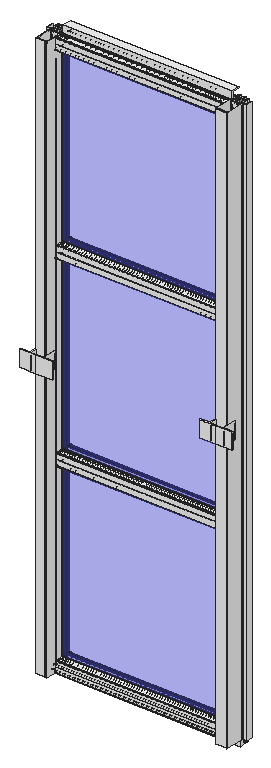
Revit family "Facade_60_Curtain_Wall_I13_Custom", category Windows, host Wall, Revit 2014 (continued)
Definition of nested family "F60 Vertical Profile Side_I13_Cust"
  Automatic sketch dimensions
    Extrusion 9 sketch curve to Extrusion 9 sketch curve = 0.899 mm
    Extrusion 9 sketch curve to Extrusion 9 sketch curve = 0.444 mm
    Extrusion 9 sketch curve to Extrusion 9 sketch curve = 3.038 mm
    Extrusion 9 sketch curve to plane 1 "Center (Front/Back)" = 0.385 mm  (x2)
    Extrusion 9 sketch curve to Extrusion 9 sketch curve = 0.756 mm
    Extrusion 9 sketch curve to Extrusion 9 sketch curve = 2.153 mm
    Extrusion 9 sketch curve to Extrusion 9 sketch curve = 0.631 mm
    Extrusion 9 sketch curve to Extrusion 9 sketch curve = 0.807 mm
    Extrusion 9 sketch curve to Extrusion 9 sketch curve = 1.646 mm
    Extrusion 9 sketch curve to Extrusion 9 sketch curve = 0.707 mm
    Extrusion 9 sketch curve to Extrusion 9 sketch curve = 1.393 mm
    Extrusion 9 sketch curve to Extrusion 9 sketch curve = 1.923 mm
    Extrusion 9 sketch curve to Extrusion 9 sketch curve = 11.937 mm
    Extrusion 9 sketch curve to Extrusion 9 sketch curve = 1.6 mm
    Extrusion 9 sketch curve to Extrusion 9 sketch curve = 0.9 mm  (x2)
    Extrusion 9 sketch curve to Extrusion 9 sketch curve = 1.356 mm  (x2)
    Extrusion 9 sketch curve to Extrusion 9 sketch curve = 0.714 mm
    Extrusion 9 sketch curve to Extrusion 9 sketch curve = 0.02 mm
    Extrusion 9 sketch curve to Extrusion 9 sketch curve = 0.399 mm
    Extrusion 9 sketch curve to Extrusion 9 sketch curve = 2.224 mm
    Extrusion 9 sketch curve to Extrusion 9 sketch curve = 0.448 mm
    Extrusion 9 sketch curve to plane 1 "Center (Front/Back)" = 0.198 mm
    Extrusion 9 sketch curve to plane 1 "Center (Front/Back)" = 0.201 mm
    Extrusion 9 sketch curve to Extrusion 9 sketch curve = 0.032 mm
    Extrusion 9 sketch curve to Extrusion 9 sketch curve = 0 mm
    plane 3 "Center (Left/Right)" to Extrusion 10 sketch curve = 1.014 mm
    Extrusion 10 sketch curve to Extrusion 10 sketch curve = 0.469 mm  (x2)
    plane 3 "Center (Left/Right)" to Extrusion 10 sketch curve = 1.706 mm
    Extrusion 10 sketch curve to Extrusion 10 sketch curve = 1.079 mm
    Extrusion 10 sketch curve to Extrusion 10 sketch curve = 0.864 mm
    Extrusion 10 sketch curve to Extrusion 10 sketch curve = 1.15 mm  (x4)
    Extrusion 10 sketch curve to Extrusion 10 sketch curve = 3.2 mm  (x2)
    Extrusion 10 sketch curve to Extrusion 10 sketch curve = 3.031 mm  (x2)
    Extrusion 10 sketch curve to Extrusion 10 sketch curve = 0.6 mm  (x3)
    Extrusion 10 sketch curve to Extrusion 10 sketch curve = 15.584 mm  (x2)
    Extrusion 10 sketch curve to Extrusion 10 sketch curve = 0.808 mm  (x2)
    Extrusion 10 sketch curve to Extrusion 10 sketch curve = 3.038 mm
    Extrusion 10 sketch curve to Extrusion 10 sketch curve = 0.865 mm
    Extrusion 10 sketch curve to Extrusion 10 sketch curve = 1.25 mm  (x5)
    Extrusion 10 sketch curve to Extrusion 10 sketch curve = 0.61 mm
    plane 1 "Center (Front/Back)" to Extrusion 10 sketch curve = 31.288 mm
    Extrusion 10 sketch curve to Extrusion 10 sketch curve = 0.362 mm
    plane 1 "Center (Front/Back)" to Extrusion 10 sketch curve = 31.65 mm
    Extrusion 10 sketch curve to Extrusion 10 sketch curve = 0.962 mm
    Extrusion 10 sketch curve to Extrusion 10 sketch curve = 0.85 mm
    Extrusion 10 sketch curve to Extrusion 10 sketch curve = 0.512 mm  (x2)
    Extrusion 10 sketch curve to Extrusion 10 sketch curve = 0.4 mm  (x2)
    Extrusion 10 sketch curve to Extrusion 10 sketch curve = 1 mm
    Extrusion 10 sketch curve to Extrusion 10 sketch curve = 2.8 mm
    Extrusion 10 sketch curve to Extrusion 10 sketch curve = 0 mm  (x2)
    Extrusion 10 sketch curve to Extrusion 10 sketch curve = 1.4 mm
    Extrusion 10 sketch curve to Extrusion 10 sketch curve = 0.539 mm  (x2)
    plane 1 "Center (Front/Back)" to Extrusion 10 sketch curve = 28.864 mm
    Extrusion 11 sketch curve to plane 3 "Center (Left/Right)" = 0 mm
    plane 3 "Center (Left/Right)" to Extrusion 11 sketch curve = 0.65 mm
    Extrusion 11 sketch curve to Extrusion 11 sketch curve = 0.128 mm  (x2)
    plane 3 "Center (Left/Right)" to Extrusion 11 sketch curve = 1.014 mm
    plane 3 "Center (Left/Right)" to Extrusion 11 sketch curve = 1.05 mm
    Extrusion 11 sketch curve to Extrusion 11 sketch curve = 0.469 mm  (x2)
    Extrusion 11 sketch curve to Extrusion 11 sketch curve = 1.079 mm
    Extrusion 11 sketch curve to Extrusion 11 sketch curve = 1.317 mm  (x2)
    Extrusion 11 sketch curve to Extrusion 11 sketch curve = 0 mm  (x3)
    plane 3 "Center (Left/Right)" to Extrusion 11 sketch curve = 3.85 mm
    Extrusion 11 sketch curve to Extrusion 11 sketch curve = 0.15 mm  (x2)
    Extrusion 11 sketch curve to Extrusion 11 sketch curve = 26 mm  (x2)
    Extrusion 11 sketch curve to Extrusion 11 sketch curve = 1.05 mm
    Extrusion 11 sketch curve to Extrusion 11 sketch curve = 0.707 mm
    Extrusion 11 sketch curve to Extrusion 11 sketch curve = 0.433 mm
    plane 1 "Center (Front/Back)" to Extrusion 11 sketch curve = 31.288 mm
    plane 1 "Center (Front/Back)" to Extrusion 11 sketch curve = 28.065 mm
    Extrusion 11 sketch curve to Extrusion 11 sketch curve = 1.314 mm
    Extrusion 11 sketch curve to Extrusion 11 sketch curve = 0.65 mm
    Extrusion 11 sketch curve to Extrusion 11 sketch curve = 0.5 mm  (x2)
    plane 1 "Center (Front/Back)" to Extrusion 11 sketch curve = 32.75 mm
    Extrusion 11 sketch curve to Extrusion 11 sketch curve = 0.1 mm  (x3)
    Extrusion 11 sketch curve to Extrusion 11 sketch curve = 1.1 mm  (x2)
    Extrusion 11 sketch curve to Extrusion 11 sketch curve = 8.608 mm
    Extrusion 11 sketch curve to Extrusion 11 sketch curve = 0.962 mm
    Extrusion 12 sketch curve to plane 3 "Center (Left/Right)" = 21.349 mm
    Extrusion 12 sketch curve to Extrusion 12 sketch curve = 6.35 mm
    plane 3 "Center (Left/Right)" to Extrusion 12 sketch curve = 10.403 mm
    plane 1 "Center (Front/Back)" to Extrusion 12 sketch curve = 35.567 mm
    plane 1 "Center (Front/Back)" to Extrusion 12 sketch curve = 10.171 mm
    plane 1 "Center (Front/Back)" to Extrusion 12 sketch curve = 3.821 mm
    Extrusion 13 sketch curve to plane 3 "Center (Left/Right)" = 21.35 mm
    Extrusion 13 sketch curve to Extrusion 13 sketch curve = 6.35 mm
    plane 3 "Center (Left/Right)" to Extrusion 13 sketch curve = 10.402 mm
    plane 1 "Center (Front/Back)" to Extrusion 13 sketch curve = 33.172 mm
    plane 1 "Center (Front/Back)" to Extrusion 13 sketch curve = 7.775 mm
    plane 1 "Center (Front/Back)" to Extrusion 13 sketch curve = 1.425 mm
    Extrusion 14 sketch curve to plane 3 "Center (Left/Right)" = 0 mm
    plane 3 "Center (Left/Right)" to Extrusion 14 sketch curve = 1.2 mm
    Extrusion 14 sketch curve to Extrusion 14 sketch curve = 9.6 mm
    Extrusion 14 sketch curve to Extrusion 14 sketch curve = 1.2 mm  (x3)
    plane 1 "Center (Front/Back)" to Extrusion 14 sketch curve = 25.775 mm
    plane 1 "Center (Front/Back)" to Extrusion 14 sketch curve = 8.975 mm
    curve 4 to Extrusion 6 = 0 mm
    curve 3 to Extrusion 6 = 0 mm
    curve 1 to Extrusion 6 = 0 mm
    curve 4 to Extrusion 6 = 3.6 mm
    curve 3 to Extrusion 6 = 3.6 mm
    curve 1 to Extrusion 6 = 3.6 mm
    Extrusion 6 to curve 2 = 1 mm
    Extrusion 6 to curve 5 = 1 mm
    Extrusion 6 to curve 6 = 1 mm
    curve 6 to Extrusion 6 = 1 mm
    curve 5 to Extrusion 6 = 1 mm
    curve 2 to Extrusion 6 = 1 mm
    curve 9 to Extrusion 6 = 0 mm
    curve 8 to Extrusion 6 = 0 mm
    curve 7 to Extrusion 6 = 0 mm
    Extrusion 6 to curve 8 = 3.6 mm
    Extrusion 6 to curve 9 = 3.6 mm
    Extrusion 6 to curve 7 = 3.6 mm
    curve 12 to Extrusion 5 = 25.894 mm
    curve 11 to Extrusion 5 = 25.894 mm
    curve 10 to Extrusion 5 = 25.894 mm
    curve 10 to Extrusion 5 = 0.108 mm
    Extrusion 5 to curve 12 = 0.703 mm
    Extrusion 5 to curve 11 = 0.703 mm
    curve 13 to Extrusion 5 = 4 mm
    curve 14 to Extrusion 5 = 4 mm
    curve 15 to Extrusion 5 = 4 mm
    Extrusion 5 to curve 15 = 0.702 mm
    Extrusion 5 to curve 14 = 0.702 mm
    Extrusion 5 to curve 13 = 0.702 mm
    curve 18 to Extrusion 7 = 0 mm
    curve 17 to Extrusion 7 = 0 mm
    curve 16 to Extrusion 7 = 0 mm
    Extrusion 7 to curve 17 = 3.6 mm
    Extrusion 7 to curve 18 = 3.6 mm
    Extrusion 7 to curve 16 = 3.6 mm
    Extrusion 7 to curve 21 = 1 mm  (x2)
    Extrusion 7 to curve 20 = 1 mm  (x2)
    Extrusion 7 to curve 19 = 1 mm  (x2)
    curve 24 to Extrusion 7 = 0 mm
    curve 23 to Extrusion 7 = 0 mm
    curve 22 to Extrusion 7 = 0 mm
    curve 24 to Extrusion 7 = 3.6 mm
    curve 23 to Extrusion 7 = 3.6 mm
    curve 22 to Extrusion 7 = 3.6 mm
    curve 27 to Extrusion 8 = 0 mm
    curve 26 to Extrusion 8 = 0 mm
    curve 25 to Extrusion 8 = 0 mm
    Extrusion 8 to curve 26 = 3.6 mm
    Extrusion 8 to curve 27 = 3.6 mm
    Extrusion 8 to curve 25 = 3.6 mm
    Extrusion 8 to curve 30 = 0.221 mm
    Extrusion 8 to curve 29 = 0.221 mm
    Extrusion 8 to curve 28 = 0.221 mm
    curve 29 to Extrusion 8 = 0.222 mm
    curve 30 to Extrusion 8 = 0.222 mm
    curve 28 to Extrusion 8 = 0.222 mm
    curve 33 to Extrusion 8 = 0 mm
    curve 32 to Extrusion 8 = 0 mm
    curve 31 to Extrusion 8 = 0 mm
    curve 33 to Extrusion 8 = 3.6 mm
    curve 32 to Extrusion 8 = 3.6 mm
    curve 31 to Extrusion 8 = 3.6 mm
    curve 34 to Extrusion 11 = 4.016 mm
    curve 35 to Extrusion 11 = 4.016 mm
    curve 36 to Extrusion 11 = 3.97 mm
    Extrusion 11 to curve 36 = 0.637 mm
    Extrusion 11 to curve 35 = 0.637 mm
    Extrusion 11 to curve 34 = 0.637 mm
    curve 37 to Extrusion 11 = 29.221 mm
    curve 38 to Extrusion 11 = 29.221 mm
    curve 39 to Extrusion 11 = 29.221 mm
    Extrusion 11 to curve 39 = 3.222 mm
    Extrusion 11 to curve 38 = 3.222 mm
    Extrusion 11 to curve 37 = 3.222 mm
Definition of nested family "F60 Horizontal Profile Top_I13_Cust"
  Parameters (values of type "F60 Horizontal Profile Top")
    Thermal Break Material [instance] = none
    Single Glazing [instance] = yes
    Profile Material [instance] = none
    Length [instance] = 250 mm
    Double Glazing [instance] = yes
  Reference planes
    plane 1 "Center (Front/Back)": y = 0
    plane 2: z = 0
    plane 3 "Center (Left/Right)": x = 0
  Forms (mm)
    Extrusion 1, solid, material <- "Profile Material"
      sketch origin (0, 0, 0) x (0, 1, 0) y (0, 0, 1)
        loop
          line (-9.94, 7.845) -> (-8.37, 6.275) -> (-1.2, 10.415) -> (-1.2, 1.2) -> (-5, 1.2) -> (-5, 0) -> (-1, 0)
          arc (-1, 0) -> (-0.293, 0.293) -> (0, 1) r 1
          line (0, 1) -> (0, 30) -> (0, 59)
          arc (0, 59) -> (-0.293, 59.707) -> (-1, 60) r 1
          line (-1, 60) -> (-5, 60) -> (-5, 58.8) -> (-1.2, 58.8) -> (-1.2, 49.585) -> (-8.37, 53.725) -> (-9.94, 52.155)
          arc (-9.94, 52.155) -> (-9.902, 51.269) -> (-9.016, 51.232) r 0.655
          line (-9.016, 51.232) -> (-8.077, 52.17) -> (-1.2, 48.2) -> (-1.2, 30) -> (-1.2, 11.8) -> (-8.077, 7.83) -> (-9.016, 8.768)
          arc (-9.016, 8.768) -> (-9.902, 8.731) -> (-9.94, 7.845) r 0.655
      from 0 to 250 <- "Length"
    Extrusion 2, solid, material <- "Profile Material"
      sketch origin (0, 0, 0) x (0, 1, 0) y (0, 0, 1)
        loop
          line (-5, 60) -> (-44.6, 60) -> (-44.6, 58.35) -> (-39.944, 58.35) -> (-39.944, 1.65) -> (-44.6, 1.65) -> (-44.6, 0) -> (-5, 0) -> (-5, 2.2) -> (-4.2, 2.2) -> (-4.2, 3.018)
          arc (-4.2, 3.018) -> (-4.352, 3.783) -> (-4.786, 4.432) r 2
          line (-4.786, 4.432) -> (-7.054, 6.7) -> (-8, 6.489) -> (-8, 5.7) -> (-7.205, 5.7) -> (-7.205, 2.95) -> (-8, 2.95) -> (-8, 1.95) -> (-12.752, 1.95) -> (-12.752, 6.7) -> (-14.152, 6.7) -> (-14.152, 1.65) -> (-38.65, 1.65) -> (-38.65, 8.33) -> (-37.097, 8.33) -> (-34.666, 6.973)
          arc (-34.666, 6.973) -> (-33.846, 7.192) -> (-34.066, 8.012) r 0.6
          line (-34.066, 8.012) -> (-37.128, 9.78) -> (-38.65, 9.78) -> (-38.65, 12.65) -> (-37.6, 13.7) -> (-37.6, 20.3) -> (-38.65, 21.35) -> (-38.65, 38.65) -> (-37.6, 39.7) -> (-37.6, 46.3) -> (-38.65, 47.35) -> (-38.65, 50.22) -> (-37.128, 50.22) -> (-34.066, 51.988)
          arc (-34.066, 51.988) -> (-33.846, 52.808) -> (-34.666, 53.027) r 0.6
          line (-34.666, 53.027) -> (-37.032, 51.661) -> (-38.65, 51.661) -> (-38.65, 58.35) -> (-14.152, 58.35) -> (-14.152, 53.3) -> (-12.752, 53.3) -> (-12.752, 58.05) -> (-8, 58.05) -> (-8, 57.05) -> (-7.205, 57.05) -> (-7.205, 54.3) -> (-8, 54.3) -> (-8, 53.511) -> (-7.054, 53.3) -> (-4.786, 55.568)
          arc (-4.786, 55.568) -> (-4.352, 56.217) -> (-4.2, 56.982) r 2
          line (-4.2, 56.982) -> (-4.2, 57.8) -> (-5, 57.8) -> (-5, 60)
      from 0 to 250 <- "Length"
    Extrusion 3, solid, material <- "Thermal Break Material"
      sketch origin (0, 0, 0) x (0, 1, 0) y (0, 0, 1)
        loop
          line (-40, 1.75) -> (-40, 30) -> (-40, 58.25) -> (-44.6, 58.25) -> (-44.6, 60) -> (-45.9, 60) -> (-45.9, 53.65) -> (-41.788, 53.65)
          arc (-41.788, 53.65) -> (-41.363, 53.474) -> (-41.187, 53.05) r 0.6
          line (-41.187, 53.05) -> (-41.187, 30) -> (-41.187, 6.95)
          arc (-41.187, 6.95) -> (-41.363, 6.526) -> (-41.788, 6.35) r 0.6
          line (-41.788, 6.35) -> (-45.9, 6.35) -> (-45.9, 0) -> (-44.6, 0) -> (-44.6, 1.75) -> (-40, 1.75)
      from 0 to 250 <- "Length"
    Extrusion 4, solid, material <- "Profile Material"
      sketch origin (0, 0, 0) x (0, 1, 0) y (0, 0, 1)
        loop
          line (-58.5, 25.249) -> (-43.6, 25.249)
          arc (-43.6, 25.249) -> (-43.034, 25.015) -> (-42.8, 24.449) r 0.8
          line (-42.8, 24.449) -> (-42.8, 7.9) -> (-44.4, 7.9) -> (-44.4, 9.45) -> (-45.25, 9.45)
          arc (-45.25, 9.45) -> (-45.674, 9.274) -> (-45.85, 8.85) r 0.6
          line (-45.85, 8.85) -> (-45.85, 7.9) -> (-48.8, 7.9)
          arc (-48.8, 7.9) -> (-49.3, 8.4) -> (-49.8, 7.9) r 0.5
          line (-49.8, 7.9) -> (-49.8, 5.55) -> (-48.65, 5.55) -> (-48.65, 6.7) -> (-47.35, 6.7) -> (-47.35, 1.2) -> (-48.65, 1.2) -> (-48.65, 2.35) -> (-49.8, 2.35) -> (-49.8, 0.5)
          arc (-49.8, 0.5) -> (-49.654, 0.146) -> (-49.3, 0) r 0.5
          line (-49.3, 0) -> (-45.9, 0) -> (-45.9, 6.45) -> (-42.2, 6.45)
          arc (-42.2, 6.45) -> (-41.634, 6.684) -> (-41.4, 7.25) r 0.8
          line (-41.4, 7.25) -> (-41.4, 30) -> (-41.4, 52.75)
          arc (-41.4, 52.75) -> (-41.634, 53.316) -> (-42.2, 53.55) r 0.8
          line (-42.2, 53.55) -> (-45.9, 53.55) -> (-45.9, 60) -> (-49.3, 60)
          arc (-49.3, 60) -> (-49.654, 59.854) -> (-49.8, 59.5) r 0.5
          line (-49.8, 59.5) -> (-49.8, 57.65) -> (-48.65, 57.65) -> (-48.65, 58.8) -> (-47.35, 58.8) -> (-47.35, 53.3) -> (-48.65, 53.3) -> (-48.65, 54.45) -> (-49.8, 54.45) -> (-49.8, 52.1)
          arc (-49.8, 52.1) -> (-49.3, 51.6) -> (-48.8, 52.1) r 0.5
          line (-48.8, 52.1) -> (-45.85, 52.1) -> (-45.85, 51.15)
          arc (-45.85, 51.15) -> (-45.674, 50.726) -> (-45.25, 50.55) r 0.6
          line (-45.25, 50.55) -> (-44.4, 50.55) -> (-44.4, 52.1) -> (-42.8, 52.1) -> (-42.8, 35.551)
          arc (-42.8, 35.551) -> (-43.034, 34.985) -> (-43.6, 34.751) r 0.8
          line (-43.6, 34.751) -> (-58.5, 34.751)
          arc (-58.5, 34.751) -> (-59.066, 34.516) -> (-59.3, 33.951) r 0.8
          line (-59.3, 33.951) -> (-59.3, 32.902) -> (-42.8, 32.902) -> (-42.8, 27.1) -> (-59.3, 27.1) -> (-59.3, 26.049)
          arc (-59.3, 26.049) -> (-59.066, 25.484) -> (-58.5, 25.249) r 0.8
      from 0 to 250 <- "Length"
    Extrusion 5, solid, material <- "Thermal Break Material", visible <- "Single Glazing"
      sketch origin (0, 0, 0) x (0, 1, 0) y (0, 0, 1)
        loop
          arc (-63.8, 25.751) -> (-63.654, 25.397) -> (-63.3, 25.251) r 0.5
          line (-63.3, 25.251) -> (-59.8, 25.251)
          arc (-59.8, 25.251) -> (-59.446, 25.397) -> (-59.3, 25.751) r 0.5
          line (-59.3, 25.751) -> (-59.3, 27.648) -> (-49.599, 27.648) -> (-47.528, 28.651)
          arc (-47.528, 28.651) -> (-46.803, 30.001) -> (-47.528, 31.351) r 1.62
          line (-47.528, 31.351) -> (-49.599, 32.353) -> (-59.3, 32.353) -> (-59.3, 34.251)
          arc (-59.3, 34.251) -> (-59.446, 34.604) -> (-59.8, 34.751) r 0.5
          line (-59.8, 34.751) -> (-63.3, 34.751)
          arc (-63.3, 34.751) -> (-63.654, 34.604) -> (-63.8, 34.251) r 0.5
          line (-63.8, 34.251) -> (-63.8, 32.328) -> (-62.4, 31.52) -> (-62.4, 28.483) -> (-63.8, 27.673) -> (-63.8, 25.751)
        loop
          line (-59.794, 28.506) -> (-59.006, 29.294)
          arc (-59.006, 29.294) -> (-58.788, 29.618) -> (-58.713, 30.001) r 0.986
          arc (-58.713, 30.001) -> (-58.79, 30.384) -> (-59.008, 30.71) r 1.007
          line (-59.008, 30.71) -> (-59.794, 31.496) -> (-60.65, 31.496)
          arc (-60.65, 31.496) -> (-61.004, 31.349) -> (-61.15, 30.996) r 0.5
          line (-61.15, 30.996) -> (-61.15, 29.006)
          arc (-61.15, 29.006) -> (-61.004, 28.652) -> (-60.65, 28.506) r 0.5
          line (-60.65, 28.506) -> (-59.794, 28.506)
        loop
          line (-47.854, 30.898) -> (-49.415, 31.653) -> (-56.782, 31.653)
          arc (-56.782, 31.653) -> (-57.207, 31.417) -> (-57.23, 30.932) r 0.5
          arc (-57.23, 30.932) -> (-57.013, 30.001) -> (-57.23, 29.07) r 2.099
          arc (-57.23, 29.07) -> (-57.207, 28.584) -> (-56.782, 28.348) r 0.5
          line (-56.782, 28.348) -> (-49.415, 28.348) -> (-48.055, 29.007)
          arc (-48.055, 29.007) -> (-47.35, 29.888) -> (-47.854, 30.898) r 1.047
      from 0 to 250 <- "Length"
    Extrusion 6, solid, material <- "Profile Material", visible <- "Single Glazing"
      sketch origin (0, 0, 0) x (0, 1, 0) y (0, 0, 1)
        loop
          line (-63.8, 52.694) -> (-64.8, 52.694) -> (-64.8, 51.544) -> (-66.05, 51.544) -> (-66.05, 57.044) -> (-64.8, 57.044) -> (-64.8, 55.894) -> (-63.8, 55.894) -> (-63.8, 58.294)
          arc (-63.8, 58.294) -> (-64.082, 58.803) -> (-64.664, 58.835) r 0.6
          line (-64.664, 58.835) -> (-66.562, 57.91) -> (-67.088, 58.988) -> (-68.05, 58.519) -> (-68.05, 48.513)
          arc (-68.05, 48.513) -> (-67.874, 48.089) -> (-67.45, 47.913) r 0.6
          line (-67.45, 47.913) -> (-66.6, 47.913) -> (-66.6, 12.09) -> (-67.45, 12.09)
          arc (-67.45, 12.09) -> (-67.874, 11.914) -> (-68.05, 11.49) r 0.6
          line (-68.05, 11.49) -> (-68.05, 1.485) -> (-67.088, 1.016) -> (-66.562, 2.095) -> (-64.663, 1.169)
          arc (-64.663, 1.169) -> (-64.082, 1.2) -> (-63.8, 1.709) r 0.6
          line (-63.8, 1.709) -> (-63.8, 4.109) -> (-64.8, 4.109) -> (-64.8, 2.959) -> (-66.05, 2.959) -> (-66.05, 8.459) -> (-64.8, 8.459) -> (-64.8, 7.309) -> (-63.8, 7.309) -> (-63.8, 27.674) -> (-62.4, 28.483) -> (-62.4, 31.521) -> (-63.8, 32.329) -> (-63.8, 52.694)
      from 0 to 250 <- "Length"
    Extrusion 7, solid, material <- "Profile Material", visible <- "Single Glazing"
      sketch origin (0, 0, 0) x (0, 1, 0) y (0, 0, 1)
        loop
          line (-68.551, 3.3) -> (-76.559, 3.3) -> (-76.559, 30) -> (-76.559, 56.15)
          arc (-76.559, 56.15) -> (-75.739, 58.13) -> (-73.759, 58.95) r 2.8
          line (-73.759, 58.95) -> (-69.151, 58.95) -> (-69.151, 57.2)
          arc (-69.151, 57.2) -> (-68.987, 56.829) -> (-68.601, 56.703) r 0.5
          arc (-68.601, 56.703) -> (-68.216, 56.829) -> (-68.051, 57.2) r 0.5
          line (-68.051, 57.2) -> (-68.051, 58.517) -> (-67.089, 58.986) -> (-66.563, 57.907) -> (-63.866, 59.222)
          arc (-63.866, 59.222) -> (-64.001, 59.762) -> (-64.504, 60) r 0.65
          line (-64.504, 60) -> (-73.859, 60)
          arc (-73.859, 60) -> (-76.687, 58.828) -> (-77.859, 56) r 4
          line (-77.859, 56) -> (-77.859, 30) -> (-77.859, 2.493)
          arc (-77.859, 2.493) -> (-77.197, 0.799) -> (-75.562, 0.002) r 2.5
          arc (-75.562, 0.002) -> (-75.182, 0.132) -> (-75.021, 0.5) r 0.5
          line (-75.021, 0.5) -> (-75.021, 2) -> (-69.151, 2) -> (-69.151, 0.5)
          arc (-69.151, 0.5) -> (-69.005, 0.146) -> (-68.651, 0) r 0.5
          line (-68.651, 0) -> (-64.504, 0)
          arc (-64.504, 0) -> (-64.001, 0.238) -> (-63.866, 0.778) r 0.65
          line (-63.866, 0.778) -> (-66.563, 2.093) -> (-67.089, 1.014) -> (-68.051, 1.483) -> (-68.051, 2.8)
          arc (-68.051, 2.8) -> (-68.198, 3.154) -> (-68.551, 3.3) r 0.5
      from 0 to 250 <- "Length"
    Extrusion 8, solid, material <- "Thermal Break Material", visible <- "Double Glazing"
      sketch origin (0, 0, 0) x (0, 1, 0) y (0, 0, 1)
        loop
          line (-77.8, 27.673) -> (-77.8, 25.751)
          arc (-77.8, 25.751) -> (-77.654, 25.397) -> (-77.3, 25.251) r 0.5
          line (-77.3, 25.251) -> (-59.8, 25.251)
          arc (-59.8, 25.251) -> (-59.446, 25.397) -> (-59.3, 25.751) r 0.5
          line (-59.3, 25.751) -> (-59.3, 27.647) -> (-49.599, 27.647) -> (-47.528, 28.649)
          arc (-47.528, 28.649) -> (-46.803, 29.999) -> (-47.528, 31.349) r 1.62
          line (-47.528, 31.349) -> (-49.602, 32.353) -> (-59.3, 32.353) -> (-59.3, 34.251)
          arc (-59.3, 34.251) -> (-59.446, 34.604) -> (-59.8, 34.751) r 0.5
          line (-59.8, 34.751) -> (-77.3, 34.751)
          arc (-77.3, 34.751) -> (-77.654, 34.604) -> (-77.8, 34.251) r 0.5
          line (-77.8, 34.251) -> (-77.8, 32.327) -> (-76.4, 31.52) -> (-76.4, 28.482) -> (-77.8, 27.673)
        loop
          line (-59.006, 30.708) -> (-61.156, 32.858)
          arc (-61.156, 32.858) -> (-61.48, 33.074) -> (-61.863, 33.151) r 1
          line (-61.863, 33.151) -> (-73.8, 33.151)
          arc (-73.8, 33.151) -> (-74.507, 32.858) -> (-74.8, 32.151) r 1
          line (-74.8, 32.151) -> (-74.8, 27.851)
          arc (-74.8, 27.851) -> (-74.507, 27.144) -> (-73.8, 26.851) r 1
          line (-73.8, 26.851) -> (-61.863, 26.851)
          arc (-61.863, 26.851) -> (-61.48, 26.927) -> (-61.156, 27.144) r 1
          line (-61.156, 27.144) -> (-59.006, 29.294)
          arc (-59.006, 29.294) -> (-58.788, 29.618) -> (-58.713, 30.001) r 0.986
          arc (-58.713, 30.001) -> (-58.79, 30.383) -> (-59.006, 30.708) r 1.007
        loop
          line (-56.782, 28.347) -> (-49.415, 28.347) -> (-48.055, 29.005)
          arc (-48.055, 29.005) -> (-47.35, 29.887) -> (-47.854, 30.896) r 1.047
          line (-47.854, 30.896) -> (-49.415, 31.652) -> (-56.782, 31.652)
          arc (-56.782, 31.652) -> (-57.207, 31.416) -> (-57.23, 30.93) r 0.5
          arc (-57.23, 30.93) -> (-57.013, 29.999) -> (-57.23, 29.068) r 2.099
          arc (-57.23, 29.068) -> (-57.207, 28.583) -> (-56.782, 28.347) r 0.5
      from 0 to 250 <- "Length"
    Extrusion 9, solid, material <- "Profile Material", visible <- "Double Glazing"
      sketch origin (0, 0, 0) x (0, 1, 0) y (0, 0, 1)
        loop
          line (-77.8, 52.694) -> (-78.8, 52.694) -> (-78.8, 51.544) -> (-80.05, 51.544) -> (-80.05, 57.044) -> (-78.8, 57.044) -> (-78.8, 55.894) -> (-77.8, 55.894) -> (-77.8, 58.294)
          arc (-77.8, 58.294) -> (-78.082, 58.802) -> (-78.664, 58.834) r 0.6
          line (-78.664, 58.834) -> (-80.562, 57.909) -> (-81.088, 58.988) -> (-82.05, 58.518) -> (-82.05, 48.512)
          arc (-82.05, 48.512) -> (-81.874, 48.088) -> (-81.45, 47.912) r 0.6
          line (-81.45, 47.912) -> (-80.6, 47.912) -> (-80.6, 12.089) -> (-81.45, 12.089)
          arc (-81.45, 12.089) -> (-81.874, 11.913) -> (-82.05, 11.489) r 0.6
          line (-82.05, 11.489) -> (-82.05, 1.484) -> (-81.088, 1.015) -> (-80.562, 2.094) -> (-78.663, 1.169)
          arc (-78.663, 1.169) -> (-78.082, 1.199) -> (-77.8, 1.708) r 0.6
          line (-77.8, 1.708) -> (-77.8, 4.108) -> (-78.8, 4.108) -> (-78.8, 2.958) -> (-80.05, 2.958) -> (-80.05, 8.458) -> (-78.8, 8.458) -> (-78.8, 7.308) -> (-77.8, 7.308) -> (-77.8, 27.673) -> (-76.4, 28.482) -> (-76.4, 31.52) -> (-77.8, 32.328) -> (-77.8, 52.694)
      from 0 to 250 <- "Length"
    Extrusion 10, solid, material <- "Profile Material", visible <- "Double Glazing"
      sketch origin (0, 0, 0) x (0, 1, 0) y (0, 0, 1)
        loop
          line (-82.551, 3.3) -> (-90.558, 3.3) -> (-90.558, 30) -> (-90.558, 56.15)
          arc (-90.558, 56.15) -> (-89.738, 58.13) -> (-87.758, 58.95) r 2.8
          line (-87.758, 58.95) -> (-83.151, 58.95) -> (-83.151, 57.2)
          arc (-83.151, 57.2) -> (-82.986, 56.829) -> (-82.601, 56.703) r 0.5
          arc (-82.601, 56.703) -> (-82.215, 56.829) -> (-82.051, 57.2) r 0.5
          line (-82.051, 57.2) -> (-82.051, 58.517) -> (-81.088, 58.986) -> (-80.563, 57.907) -> (-77.866, 59.222)
          arc (-77.866, 59.222) -> (-78, 59.762) -> (-78.503, 60) r 0.65
          line (-78.503, 60) -> (-87.858, 60)
          arc (-87.858, 60) -> (-90.687, 58.828) -> (-91.858, 56) r 4
          line (-91.858, 56) -> (-91.858, 30) -> (-91.858, 2.493)
          arc (-91.858, 2.493) -> (-91.196, 0.799) -> (-89.561, 0.002) r 2.5
          arc (-89.561, 0.002) -> (-89.182, 0.132) -> (-89.021, 0.5) r 0.5
          line (-89.021, 0.5) -> (-89.021, 2) -> (-83.151, 2) -> (-83.151, 0.5)
          arc (-83.151, 0.5) -> (-83.004, 0.146) -> (-82.651, 0) r 0.5
          line (-82.651, 0) -> (-78.503, 0)
          arc (-78.503, 0) -> (-78, 0.238) -> (-77.866, 0.778) r 0.65
          line (-77.866, 0.778) -> (-80.563, 2.093) -> (-81.088, 1.014) -> (-82.051, 1.483) -> (-82.051, 2.8)
          arc (-82.051, 2.8) -> (-82.197, 3.154) -> (-82.551, 3.3) r 0.5
      from 0 to 250 <- "Length"
    Extrusion 11, solid, material <- "Profile Material", visible <- "Double Glazing"
      sketch origin (0, 0, 0) x (0, 1, 0) y (0, 0, 1)
        loop
          line (-57.8, 45.73) -> (-51.8, 45.73) -> (-51.8, 95.73) -> (-101.8, 95.73) -> (-101.8, 89.73) -> (-57.8, 89.73) -> (-57.8, 45.73)
      from 0 to 250 <- "Length"
    Extrusion 12, solid, material <- "Profile Material", visible <- "Double Glazing"
      sketch origin (0, 0, 0) x (0, 1, 0) y (0, 0, 1)
        loop
          line (-75.8, 48) -> (-57.8, 48) -> (-57.8, 60) -> (-75.8, 60) -> (-75.8, 48)
        loop
          line (-74.6, 49.2) -> (-59, 49.2) -> (-59, 58.8) -> (-74.6, 58.8) -> (-74.6, 49.2)
      from 0 to 250 <- "Length"
    Extrusion 13, solid, material <- "Profile Material", visible <- "Single Glazing"
      sketch origin (0, 0, 0) x (0, 1, 0) y (0, 0, 1)
        loop
          line (-59.8, 45.865) -> (-53.8, 45.865) -> (-53.8, 95.865) -> (-103.8, 95.865) -> (-103.8, 89.865) -> (-59.8, 89.865) -> (-59.8, 45.865)
      from 0 to 250 <- "Length"
  Dimensions and locks
    aligned and locked: level to plane 2
Definition of nested family "F60 Sill_I13_Cust"
  Parameters (values of type "F60 Sill")
    Profile Material [instance] = none
    Length Sill [instance] = 250 mm
  Reference planes
    plane 1 "Center (Front/Back)": y = 0
    plane 2: z = 0
    plane 3 "Center (Left/Right)": x = 0
  Forms (mm)
    Extrusion 1, solid, material <- "Profile Material"
      sketch origin (0, 0, 0) x (0, 1, 0) y (0, 0, 1)
        loop
          line (-42.734, 5.324) -> (-48.256, 4.643)
          arc (-48.256, 4.643) -> (-49.196, 4.147) -> (-49.572, 3.154) r 1.5
          line (-49.572, 3.154) -> (-49.572, 1.88) -> (-47.772, 1.88) -> (-47.772, 3.191) -> (-19.233, 6.714)
          arc (-19.233, 6.714) -> (-17.924, 7.083) -> (-16.785, 7.826) r 4.5
          line (-16.785, 7.826) -> (-16.785, 1.88) -> (-15.285, 1.88) -> (-15.285, 24.58)
          arc (-15.285, 24.58) -> (-15.109, 25.004) -> (-14.685, 25.18) r 0.6
          line (-14.685, 25.18) -> (-4.072, 25.18) -> (-4.072, 1.88) -> (-2.572, 1.88) -> (-2.572, 29.88) -> (-4.072, 29.88) -> (-4.072, 28.88) -> (-5.222, 28.88) -> (-5.222, 27.68) -> (-4.072, 27.68) -> (-4.072, 26.38) -> (-9.572, 26.38) -> (-9.572, 27.68) -> (-8.422, 27.68) -> (-8.422, 28.88) -> (-10.172, 28.88)
          arc (-10.172, 28.88) -> (-10.597, 28.704) -> (-10.772, 28.28) r 0.6
          line (-10.772, 28.28) -> (-10.772, 26.38) -> (-15.285, 26.38)
          arc (-15.285, 26.38) -> (-16.345, 25.941) -> (-16.785, 24.88) r 1.5
          line (-16.785, 24.88) -> (-16.785, 11.18)
          arc (-16.785, 11.18) -> (-17.537, 9.193) -> (-19.417, 8.203) r 3
          line (-19.417, 8.203) -> (-39.35, 5.742)
          arc (-39.35, 5.742) -> (-40.527, 6.107) -> (-41.034, 7.231) r 1.5
          line (-41.034, 7.231) -> (-41.034, 19.996)
          arc (-41.034, 19.996) -> (-40.883, 20.394) -> (-40.507, 20.592) r 0.6
          line (-40.507, 20.592) -> (-32.917, 21.529)
          arc (-32.917, 21.529) -> (-31.977, 22.024) -> (-31.601, 23.017) r 1.5
          line (-31.601, 23.017) -> (-31.601, 28.88) -> (-33.101, 28.88) -> (-33.101, 23.548)
          arc (-33.101, 23.548) -> (-33.251, 23.15) -> (-33.627, 22.952) r 0.6
          line (-33.627, 22.952) -> (-45.787, 21.451)
          arc (-45.787, 21.451) -> (-46.727, 20.956) -> (-47.104, 19.962) r 1.5
          line (-47.104, 19.962) -> (-47.104, 19.054)
          arc (-47.104, 19.054) -> (-46.957, 18.7) -> (-46.604, 18.554) r 0.5
          line (-46.604, 18.554) -> (-45.604, 18.554) -> (-45.604, 19.962) -> (-42.734, 20.317) -> (-42.734, 5.324)
      from 0 to 250 <- "Length Sill"
  Dimensions and locks
    aligned and locked: level to plane 2
Definition of nested family "F60 Horizontal Profile Bottom_I13_Cust"
  Parameters (values of type "F60 Horizontal Profile Bottom")
    Thermal Break Material [instance] = none
    Single Glazing [instance] = yes
    Profile Material [instance] = none
    Length [instance] = 250 mm
    Double Glazing [instance] = yes
  Reference planes
    plane 1 "Center (Front/Back)": y = 0
    plane 2: z = 0
    plane 3 "Center (Left/Right)": x = 0
  Forms (mm)
    Extrusion 1, solid, material <- "Profile Material"
      sketch origin (0, 0, 0) x (0, 1, 0) y (0, 0, 1)
        loop
          line (-9.94, 7.845) -> (-8.37, 6.275) -> (-1.2, 10.415) -> (-1.2, 1.2) -> (-5, 1.2) -> (-5, 0) -> (-1, 0)
          arc (-1, 0) -> (-0.293, 0.293) -> (0, 1) r 1
          line (0, 1) -> (0, 30) -> (0, 59)
          arc (0, 59) -> (-0.293, 59.707) -> (-1, 60) r 1
          line (-1, 60) -> (-5, 60) -> (-5, 58.8) -> (-1.2, 58.8) -> (-1.2, 49.585) -> (-8.37, 53.725) -> (-9.94, 52.155)
          arc (-9.94, 52.155) -> (-9.902, 51.269) -> (-9.016, 51.232) r 0.655
          line (-9.016, 51.232) -> (-8.077, 52.17) -> (-1.2, 48.2) -> (-1.2, 30) -> (-1.2, 11.8) -> (-8.077, 7.83) -> (-9.016, 8.768)
          arc (-9.016, 8.768) -> (-9.902, 8.731) -> (-9.94, 7.845) r 0.655
      from 0 to 250 <- "Length"
    Extrusion 2, solid, material <- "Profile Material"
      sketch origin (0, 0, 0) x (0, 1, 0) y (0, 0, 1)
        loop
          line (-5, 60) -> (-44.6, 60) -> (-44.6, 58.35) -> (-39.944, 58.35) -> (-39.944, 1.65) -> (-44.6, 1.65) -> (-44.6, 0) -> (-5, 0) -> (-5, 2.2) -> (-4.2, 2.2) -> (-4.2, 3.018)
          arc (-4.2, 3.018) -> (-4.352, 3.783) -> (-4.786, 4.432) r 2
          line (-4.786, 4.432) -> (-7.054, 6.7) -> (-8, 6.489) -> (-8, 5.7) -> (-7.205, 5.7) -> (-7.205, 2.95) -> (-8, 2.95) -> (-8, 1.95) -> (-12.752, 1.95) -> (-12.752, 6.7) -> (-14.152, 6.7) -> (-14.152, 1.65) -> (-38.65, 1.65) -> (-38.65, 8.33) -> (-37.097, 8.33) -> (-34.666, 6.973)
          arc (-34.666, 6.973) -> (-33.846, 7.192) -> (-34.066, 8.012) r 0.6
          line (-34.066, 8.012) -> (-37.128, 9.78) -> (-38.65, 9.78) -> (-38.65, 12.65) -> (-37.6, 13.7) -> (-37.6, 20.3) -> (-38.65, 21.35) -> (-38.65, 38.65) -> (-37.6, 39.7) -> (-37.6, 46.3) -> (-38.65, 47.35) -> (-38.65, 50.22) -> (-37.128, 50.22) -> (-34.066, 51.988)
          arc (-34.066, 51.988) -> (-33.846, 52.808) -> (-34.666, 53.027) r 0.6
          line (-34.666, 53.027) -> (-37.032, 51.661) -> (-38.65, 51.661) -> (-38.65, 58.35) -> (-14.152, 58.35) -> (-14.152, 53.3) -> (-12.752, 53.3) -> (-12.752, 58.05) -> (-8, 58.05) -> (-8, 57.05) -> (-7.205, 57.05) -> (-7.205, 54.3) -> (-8, 54.3) -> (-8, 53.511) -> (-7.054, 53.3) -> (-4.786, 55.568)
          arc (-4.786, 55.568) -> (-4.352, 56.217) -> (-4.2, 56.982) r 2
          line (-4.2, 56.982) -> (-4.2, 57.8) -> (-5, 57.8) -> (-5, 60)
      from 0 to 250 <- "Length"
    Extrusion 3, solid, material <- "Thermal Break Material"
      sketch origin (0, 0, 0) x (0, 1, 0) y (0, 0, 1)
        loop
          line (-40, 1.75) -> (-40, 30) -> (-40, 58.25) -> (-44.6, 58.25) -> (-44.6, 60) -> (-45.9, 60) -> (-45.9, 53.65) -> (-41.788, 53.65)
          arc (-41.788, 53.65) -> (-41.363, 53.474) -> (-41.187, 53.05) r 0.6
          line (-41.187, 53.05) -> (-41.187, 30) -> (-41.187, 6.95)
          arc (-41.187, 6.95) -> (-41.363, 6.526) -> (-41.788, 6.35) r 0.6
          line (-41.788, 6.35) -> (-45.9, 6.35) -> (-45.9, 0) -> (-44.6, 0) -> (-44.6, 1.75) -> (-40, 1.75)
      from 0 to 250 <- "Length"
    Extrusion 4, solid, material <- "Profile Material"
      sketch origin (0, 0, 0) x (0, 1, 0) y (0, 0, 1)
        loop
          line (-58.5, 25.249) -> (-43.6, 25.249)
          arc (-43.6, 25.249) -> (-43.034, 25.015) -> (-42.8, 24.449) r 0.8
          line (-42.8, 24.449) -> (-42.8, 7.9) -> (-44.4, 7.9) -> (-44.4, 9.45) -> (-45.25, 9.45)
          arc (-45.25, 9.45) -> (-45.674, 9.274) -> (-45.85, 8.85) r 0.6
          line (-45.85, 8.85) -> (-45.85, 7.9) -> (-48.8, 7.9)
          arc (-48.8, 7.9) -> (-49.3, 8.4) -> (-49.8, 7.9) r 0.5
          line (-49.8, 7.9) -> (-49.8, 5.55) -> (-48.65, 5.55) -> (-48.65, 6.7) -> (-47.35, 6.7) -> (-47.35, 1.2) -> (-48.65, 1.2) -> (-48.65, 2.35) -> (-49.8, 2.35) -> (-49.8, 0.5)
          arc (-49.8, 0.5) -> (-49.654, 0.146) -> (-49.3, 0) r 0.5
          line (-49.3, 0) -> (-45.9, 0) -> (-45.9, 6.45) -> (-42.2, 6.45)
          arc (-42.2, 6.45) -> (-41.634, 6.684) -> (-41.4, 7.25) r 0.8
          line (-41.4, 7.25) -> (-41.4, 30) -> (-41.4, 52.75)
          arc (-41.4, 52.75) -> (-41.634, 53.316) -> (-42.2, 53.55) r 0.8
          line (-42.2, 53.55) -> (-45.9, 53.55) -> (-45.9, 60) -> (-49.3, 60)
          arc (-49.3, 60) -> (-49.654, 59.854) -> (-49.8, 59.5) r 0.5
          line (-49.8, 59.5) -> (-49.8, 57.65) -> (-48.65, 57.65) -> (-48.65, 58.8) -> (-47.35, 58.8) -> (-47.35, 53.3) -> (-48.65, 53.3) -> (-48.65, 54.45) -> (-49.8, 54.45) -> (-49.8, 52.1)
          arc (-49.8, 52.1) -> (-49.3, 51.6) -> (-48.8, 52.1) r 0.5
          line (-48.8, 52.1) -> (-45.85, 52.1) -> (-45.85, 51.15)
          arc (-45.85, 51.15) -> (-45.674, 50.726) -> (-45.25, 50.55) r 0.6
          line (-45.25, 50.55) -> (-44.4, 50.55) -> (-44.4, 52.1) -> (-42.8, 52.1) -> (-42.8, 35.551)
          arc (-42.8, 35.551) -> (-43.034, 34.985) -> (-43.6, 34.751) r 0.8
          line (-43.6, 34.751) -> (-58.5, 34.751)
          arc (-58.5, 34.751) -> (-59.066, 34.516) -> (-59.3, 33.951) r 0.8
          line (-59.3, 33.951) -> (-59.3, 32.902) -> (-42.8, 32.902) -> (-42.8, 27.1) -> (-59.3, 27.1) -> (-59.3, 26.049)
          arc (-59.3, 26.049) -> (-59.066, 25.484) -> (-58.5, 25.249) r 0.8
      from 0 to 250 <- "Length"
    Extrusion 5, solid, material <- "Thermal Break Material", visible <- "Single Glazing"
      sketch origin (0, 0, 0) x (0, 1, 0) y (0, 0, 1)
        loop
          arc (-63.8, 25.751) -> (-63.654, 25.397) -> (-63.3, 25.251) r 0.5
          line (-63.3, 25.251) -> (-59.8, 25.251)
          arc (-59.8, 25.251) -> (-59.446, 25.397) -> (-59.3, 25.751) r 0.5
          line (-59.3, 25.751) -> (-59.3, 27.648) -> (-49.599, 27.648) -> (-47.528, 28.651)
          arc (-47.528, 28.651) -> (-46.803, 30.001) -> (-47.528, 31.351) r 1.62
          line (-47.528, 31.351) -> (-49.599, 32.353) -> (-59.3, 32.353) -> (-59.3, 34.251)
          arc (-59.3, 34.251) -> (-59.446, 34.604) -> (-59.8, 34.751) r 0.5
          line (-59.8, 34.751) -> (-63.3, 34.751)
          arc (-63.3, 34.751) -> (-63.654, 34.604) -> (-63.8, 34.251) r 0.5
          line (-63.8, 34.251) -> (-63.8, 32.328) -> (-62.4, 31.52) -> (-62.4, 28.483) -> (-63.8, 27.673) -> (-63.8, 25.751)
        loop
          line (-59.794, 28.506) -> (-59.006, 29.294)
          arc (-59.006, 29.294) -> (-58.788, 29.618) -> (-58.713, 30.001) r 0.986
          arc (-58.713, 30.001) -> (-58.79, 30.384) -> (-59.008, 30.71) r 1.007
          line (-59.008, 30.71) -> (-59.794, 31.496) -> (-60.65, 31.496)
          arc (-60.65, 31.496) -> (-61.004, 31.349) -> (-61.15, 30.996) r 0.5
          line (-61.15, 30.996) -> (-61.15, 29.006)
          arc (-61.15, 29.006) -> (-61.004, 28.652) -> (-60.65, 28.506) r 0.5
          line (-60.65, 28.506) -> (-59.794, 28.506)
        loop
          line (-47.854, 30.898) -> (-49.415, 31.653) -> (-56.782, 31.653)
          arc (-56.782, 31.653) -> (-57.207, 31.417) -> (-57.23, 30.932) r 0.5
          arc (-57.23, 30.932) -> (-57.013, 30.001) -> (-57.23, 29.07) r 2.099
          arc (-57.23, 29.07) -> (-57.207, 28.584) -> (-56.782, 28.348) r 0.5
          line (-56.782, 28.348) -> (-49.415, 28.348) -> (-48.055, 29.007)
          arc (-48.055, 29.007) -> (-47.35, 29.888) -> (-47.854, 30.898) r 1.047
      from 0 to 250 <- "Length"
    Extrusion 6, solid, material <- "Profile Material", visible <- "Single Glazing"
      sketch origin (0, 0, 0) x (0, 1, 0) y (0, 0, 1)
        loop
          line (-63.8, 52.694) -> (-64.8, 52.694) -> (-64.8, 51.544) -> (-66.05, 51.544) -> (-66.05, 57.044) -> (-64.8, 57.044) -> (-64.8, 55.894) -> (-63.8, 55.894) -> (-63.8, 58.294)
          arc (-63.8, 58.294) -> (-64.082, 58.803) -> (-64.664, 58.835) r 0.6
          line (-64.664, 58.835) -> (-66.562, 57.91) -> (-67.088, 58.988) -> (-68.05, 58.519) -> (-68.05, 48.513)
          arc (-68.05, 48.513) -> (-67.874, 48.089) -> (-67.45, 47.913) r 0.6
          line (-67.45, 47.913) -> (-66.6, 47.913) -> (-66.6, 12.09) -> (-67.45, 12.09)
          arc (-67.45, 12.09) -> (-67.874, 11.914) -> (-68.05, 11.49) r 0.6
          line (-68.05, 11.49) -> (-68.05, 1.485) -> (-67.088, 1.016) -> (-66.562, 2.095) -> (-64.663, 1.169)
          arc (-64.663, 1.169) -> (-64.082, 1.2) -> (-63.8, 1.709) r 0.6
          line (-63.8, 1.709) -> (-63.8, 4.109) -> (-64.8, 4.109) -> (-64.8, 2.959) -> (-66.05, 2.959) -> (-66.05, 8.459) -> (-64.8, 8.459) -> (-64.8, 7.309) -> (-63.8, 7.309) -> (-63.8, 27.674) -> (-62.4, 28.483) -> (-62.4, 31.521) -> (-63.8, 32.329) -> (-63.8, 52.694)
      from 0 to 250 <- "Length"
    Extrusion 7, solid, material <- "Profile Material", visible <- "Single Glazing"
      sketch origin (0, 0, 0) x (0, 1, 0) y (0, 0, 1)
        loop
          line (-68.551, 3.3) -> (-76.559, 3.3) -> (-76.559, 30) -> (-76.559, 56.15)
          arc (-76.559, 56.15) -> (-75.739, 58.13) -> (-73.759, 58.95) r 2.8
          line (-73.759, 58.95) -> (-69.151, 58.95) -> (-69.151, 57.2)
          arc (-69.151, 57.2) -> (-68.987, 56.829) -> (-68.601, 56.703) r 0.5
          arc (-68.601, 56.703) -> (-68.216, 56.829) -> (-68.051, 57.2) r 0.5
          line (-68.051, 57.2) -> (-68.051, 58.517) -> (-67.089, 58.986) -> (-66.563, 57.907) -> (-63.866, 59.222)
          arc (-63.866, 59.222) -> (-64.001, 59.762) -> (-64.504, 60) r 0.65
          line (-64.504, 60) -> (-73.859, 60)
          arc (-73.859, 60) -> (-76.687, 58.828) -> (-77.859, 56) r 4
          line (-77.859, 56) -> (-77.859, 30) -> (-77.859, 2.493)
          arc (-77.859, 2.493) -> (-77.197, 0.799) -> (-75.562, 0.002) r 2.5
          arc (-75.562, 0.002) -> (-75.182, 0.132) -> (-75.021, 0.5) r 0.5
          line (-75.021, 0.5) -> (-75.021, 2) -> (-69.151, 2) -> (-69.151, 0.5)
          arc (-69.151, 0.5) -> (-69.005, 0.146) -> (-68.651, 0) r 0.5
          line (-68.651, 0) -> (-64.504, 0)
          arc (-64.504, 0) -> (-64.001, 0.238) -> (-63.866, 0.778) r 0.65
          line (-63.866, 0.778) -> (-66.563, 2.093) -> (-67.089, 1.014) -> (-68.051, 1.483) -> (-68.051, 2.8)
          arc (-68.051, 2.8) -> (-68.198, 3.154) -> (-68.551, 3.3) r 0.5
      from 0 to 250 <- "Length"
    Extrusion 8, solid, material <- "Thermal Break Material", visible <- "Double Glazing"
      sketch origin (0, 0, 0) x (0, 1, 0) y (0, 0, 1)
        loop
          line (-77.8, 27.673) -> (-77.8, 25.751)
          arc (-77.8, 25.751) -> (-77.654, 25.397) -> (-77.3, 25.251) r 0.5
          line (-77.3, 25.251) -> (-59.8, 25.251)
          arc (-59.8, 25.251) -> (-59.446, 25.397) -> (-59.3, 25.751) r 0.5
          line (-59.3, 25.751) -> (-59.3, 27.647) -> (-49.599, 27.647) -> (-47.528, 28.649)
          arc (-47.528, 28.649) -> (-46.803, 29.999) -> (-47.528, 31.349) r 1.62
          line (-47.528, 31.349) -> (-49.602, 32.353) -> (-59.3, 32.353) -> (-59.3, 34.251)
          arc (-59.3, 34.251) -> (-59.446, 34.604) -> (-59.8, 34.751) r 0.5
          line (-59.8, 34.751) -> (-77.3, 34.751)
          arc (-77.3, 34.751) -> (-77.654, 34.604) -> (-77.8, 34.251) r 0.5
          line (-77.8, 34.251) -> (-77.8, 32.327) -> (-76.4, 31.52) -> (-76.4, 28.482) -> (-77.8, 27.673)
        loop
          line (-59.006, 30.708) -> (-61.156, 32.858)
          arc (-61.156, 32.858) -> (-61.48, 33.074) -> (-61.863, 33.151) r 1
          line (-61.863, 33.151) -> (-73.8, 33.151)
          arc (-73.8, 33.151) -> (-74.507, 32.858) -> (-74.8, 32.151) r 1
          line (-74.8, 32.151) -> (-74.8, 27.851)
          arc (-74.8, 27.851) -> (-74.507, 27.144) -> (-73.8, 26.851) r 1
          line (-73.8, 26.851) -> (-61.863, 26.851)
          arc (-61.863, 26.851) -> (-61.48, 26.927) -> (-61.156, 27.144) r 1
          line (-61.156, 27.144) -> (-59.006, 29.294)
          arc (-59.006, 29.294) -> (-58.788, 29.618) -> (-58.713, 30.001) r 0.986
          arc (-58.713, 30.001) -> (-58.79, 30.383) -> (-59.006, 30.708) r 1.007
        loop
          line (-56.782, 28.347) -> (-49.415, 28.347) -> (-48.055, 29.005)
          arc (-48.055, 29.005) -> (-47.35, 29.887) -> (-47.854, 30.896) r 1.047
          line (-47.854, 30.896) -> (-49.415, 31.652) -> (-56.782, 31.652)
          arc (-56.782, 31.652) -> (-57.207, 31.416) -> (-57.23, 30.93) r 0.5
          arc (-57.23, 30.93) -> (-57.013, 29.999) -> (-57.23, 29.068) r 2.099
          arc (-57.23, 29.068) -> (-57.207, 28.583) -> (-56.782, 28.347) r 0.5
      from 0 to 250 <- "Length"
    Extrusion 9, solid, material <- "Profile Material", visible <- "Double Glazing"
      sketch origin (0, 0, 0) x (0, 1, 0) y (0, 0, 1)
        loop
          line (-77.8, 52.694) -> (-78.8, 52.694) -> (-78.8, 51.544) -> (-80.05, 51.544) -> (-80.05, 57.044) -> (-78.8, 57.044) -> (-78.8, 55.894) -> (-77.8, 55.894) -> (-77.8, 58.294)
          arc (-77.8, 58.294) -> (-78.082, 58.802) -> (-78.664, 58.834) r 0.6
          line (-78.664, 58.834) -> (-80.562, 57.909) -> (-81.088, 58.988) -> (-82.05, 58.518) -> (-82.05, 48.512)
          arc (-82.05, 48.512) -> (-81.874, 48.088) -> (-81.45, 47.912) r 0.6
          line (-81.45, 47.912) -> (-80.6, 47.912) -> (-80.6, 12.089) -> (-81.45, 12.089)
          arc (-81.45, 12.089) -> (-81.874, 11.913) -> (-82.05, 11.489) r 0.6
          line (-82.05, 11.489) -> (-82.05, 1.484) -> (-81.088, 1.015) -> (-80.562, 2.094) -> (-78.663, 1.169)
          arc (-78.663, 1.169) -> (-78.082, 1.199) -> (-77.8, 1.708) r 0.6
          line (-77.8, 1.708) -> (-77.8, 4.108) -> (-78.8, 4.108) -> (-78.8, 2.958) -> (-80.05, 2.958) -> (-80.05, 8.458) -> (-78.8, 8.458) -> (-78.8, 7.308) -> (-77.8, 7.308) -> (-77.8, 27.673) -> (-76.4, 28.482) -> (-76.4, 31.52) -> (-77.8, 32.328) -> (-77.8, 52.694)
      from 0 to 250 <- "Length"
    Extrusion 10, solid, material <- "Profile Material", visible <- "Double Glazing"
      sketch origin (0, 0, 0) x (0, 1, 0) y (0, 0, 1)
        loop
          line (-82.551, 3.3) -> (-90.558, 3.3) -> (-90.558, 30) -> (-90.558, 56.15)
          arc (-90.558, 56.15) -> (-89.738, 58.13) -> (-87.758, 58.95) r 2.8
          line (-87.758, 58.95) -> (-83.151, 58.95) -> (-83.151, 57.2)
          arc (-83.151, 57.2) -> (-82.986, 56.829) -> (-82.601, 56.703) r 0.5
          arc (-82.601, 56.703) -> (-82.215, 56.829) -> (-82.051, 57.2) r 0.5
          line (-82.051, 57.2) -> (-82.051, 58.517) -> (-81.088, 58.986) -> (-80.563, 57.907) -> (-77.866, 59.222)
          arc (-77.866, 59.222) -> (-78, 59.762) -> (-78.503, 60) r 0.65
          line (-78.503, 60) -> (-87.858, 60)
          arc (-87.858, 60) -> (-90.687, 58.828) -> (-91.858, 56) r 4
          line (-91.858, 56) -> (-91.858, 30) -> (-91.858, 2.493)
          arc (-91.858, 2.493) -> (-91.196, 0.799) -> (-89.561, 0.002) r 2.5
          arc (-89.561, 0.002) -> (-89.182, 0.132) -> (-89.021, 0.5) r 0.5
          line (-89.021, 0.5) -> (-89.021, 2) -> (-83.151, 2) -> (-83.151, 0.5)
          arc (-83.151, 0.5) -> (-83.004, 0.146) -> (-82.651, 0) r 0.5
          line (-82.651, 0) -> (-78.503, 0)
          arc (-78.503, 0) -> (-78, 0.238) -> (-77.866, 0.778) r 0.65
          line (-77.866, 0.778) -> (-80.563, 2.093) -> (-81.088, 1.014) -> (-82.051, 1.483) -> (-82.051, 2.8)
          arc (-82.051, 2.8) -> (-82.197, 3.154) -> (-82.551, 3.3) r 0.5
      from 0 to 250 <- "Length"
    Extrusion 11, solid, material <- "Profile Material", visible <- "Single Glazing"
      sketch origin (0, 0, 0) x (0, 1, 0) y (0, 0, 1)
        loop
          line (-63.8, 18) -> (-63.8, 0) -> (-51.8, 0) -> (-51.8, 18) -> (-63.8, 18)
        loop
          line (-62.6, 16.8) -> (-62.6, 1.2) -> (-53, 1.2) -> (-53, 16.8) -> (-62.6, 16.8)
      from 0 to 250 <- "Length"
    Extrusion 12, solid, material <- "Profile Material", visible <- "Double Glazing"
      sketch origin (0, 0, 0) x (0, 1, 0) y (0, 0, 1)
        loop
          line (-76.4, 0) -> (-51.4, 0) -> (-51.4, 25) -> (-76.4, 25) -> (-76.4, 0)
        loop
          line (-74.9, 1.5) -> (-52.9, 1.5) -> (-52.9, 23.5) -> (-74.9, 23.5) -> (-74.9, 1.5)
      from 0 to 250 <- "Length"
  Dimensions and locks
    aligned and locked: level to plane 2
Definition of nested family "F60_Single_Glazing_I13_Cust"
  Parameters (values of type "F60_Single_Glazing")
    Glazing Width [instance] = 900 mm
    Glazing Height [instance] = 900 mm
    SG Thickness [instance] = 4 mm
    Glazing Finish [instance] = Glass
  Reference planes
    plane 1 "Center (Front/Back)": y = 0
    plane 2: z = 0
    plane 3 "Center (Left/Right)": x = 0
  Forms (mm)
    Extrusion 1, solid, material "Glass" <- "Glazing Finish"
      sketch origin (0, 0, 0) x (1, 0, 0) y (0, 0, 1)
        loop
          line (0, 0) -> (0, 900) -> (-900, 900) -> (-900, 0) -> (0, 0)
      from 0 to 4 <- "SG Thickness"
  Dimensions and locks
    "Glazing Width": plane 3 "Center (Left/Right)" to Extrusion 1 sketch curve
    "Glazing Height": Extrusion 1 sketch curve to level
    aligned and locked: level to plane 2
    aligned and locked: Extrusion 1 sketch curve to plane 3 "Center (Left/Right)"
    aligned and locked: level to Extrusion 1 sketch curve
Definition of nested family "F60_Double_Glazing_I13_Cust"
  Parameters (values of type "F60_Double_Glazing")
    Glazing Width [instance] = 600 mm
    Glazing Height [instance] = 600 mm
    Glazing Thickness DG [instance] = 4 mm
    Glazing Material [instance] = Glass
    Double Glazing Gasket Thickness [instance] = 12 mm
    Double Glazing Gasket Material [instance] = none
  Reference planes
    plane 1 "Center (Front/Back)": y = 0
    plane 2: z = 0
    plane 3 "Center (Left/Right)": x = 0
  Forms (mm)
    Extrusion 1, solid, material "Glass" <- "Glazing Material"
      sketch origin (0, 0, 0) x (1, 0, 0) y (0, 0, 1)
        loop
          line (0, 0) -> (0, 600) -> (-600, 600) -> (-600, 0) -> (0, 0)
      from 0 to 4 <- "Glazing Thickness DG"
    Extrusion 2, solid, material <- "Double Glazing Gasket Material"
      sketch origin (0, -4, 0) x (1, 0, 0) y (0, 0, 1)
        loop
          line (-600, 600) -> (-600, 0) -> (0, 0) -> (0, 600) -> (-600, 600)
        loop
          line (-592, 8) -> (-8, 8) -> (-8, 592) -> (-592, 592) -> (-592, 8)
      from 0 to 12 <- "Double Glazing Gasket Thickness"
    Extrusion 3, solid, material "Glass" <- "Glazing Material"
      sketch origin (0, -16, 0) x (1, 0, 0) y (0, 0, 1)
        loop
          line (-600, 600) -> (-600, 0) -> (0, 0) -> (0, 600) -> (-600, 600)
      from 0 to 4 <- "Glazing Thickness DG"
  Dimensions and locks
    "Glazing Width": plane 3 "Center (Left/Right)" to Extrusion 1 sketch curve
    "Glazing Height": Extrusion 1 sketch curve to level
    aligned and locked: level to plane 2
    aligned and locked: Extrusion 1 sketch curve to plane 3 "Center (Left/Right)"
    aligned and locked: level to Extrusion 1 sketch curve
    aligned and locked: Extrusion 2 sketch curve to Extrusion 1  (x4)
    aligned and locked: Extrusion 3 sketch curve to Extrusion 2  (x4)
  Automatic sketch dimensions
    Extrusion 2 sketch curve to Extrusion 1 = 8 mm  (x4)
Definition of nested family "F60 Horizontal Profile Middle_I13_Cust"
  Parameters (values of type "F60 Horizontal Profile Middle")
    Thermal Break Material [instance] = none
    Single Glazing [instance] = yes
    Profile Material [instance] = none
    Length [instance] = 250 mm
    Double Glazing [instance] = yes
  Reference planes
    plane 1 "Center (Front/Back)": y = 0
    plane 2: z = 0
    plane 3 "Center (Left/Right)": x = 0
  Forms (mm)
    Extrusion 1, solid, material <- "Profile Material"
      sketch origin (0, 0, 0) x (0, 1, 0) y (0, 0, 1)
        loop
          line (-9.94, 7.845) -> (-8.37, 6.275) -> (-1.2, 10.415) -> (-1.2, 1.2) -> (-5, 1.2) -> (-5, 0) -> (-1, 0)
          arc (-1, 0) -> (-0.293, 0.293) -> (0, 1) r 1
          line (0, 1) -> (0, 30) -> (0, 59)
          arc (0, 59) -> (-0.293, 59.707) -> (-1, 60) r 1
          line (-1, 60) -> (-5, 60) -> (-5, 58.8) -> (-1.2, 58.8) -> (-1.2, 49.585) -> (-8.37, 53.725) -> (-9.94, 52.155)
          arc (-9.94, 52.155) -> (-9.902, 51.269) -> (-9.016, 51.232) r 0.655
          line (-9.016, 51.232) -> (-8.077, 52.17) -> (-1.2, 48.2) -> (-1.2, 30) -> (-1.2, 11.8) -> (-8.077, 7.83) -> (-9.016, 8.768)
          arc (-9.016, 8.768) -> (-9.902, 8.731) -> (-9.94, 7.845) r 0.655
      from 0 to 250 <- "Length"
    Extrusion 2, solid, material <- "Profile Material"
      sketch origin (0, 0, 0) x (0, 1, 0) y (0, 0, 1)
        loop
          line (-5, 60) -> (-44.6, 60) -> (-44.6, 58.35) -> (-39.944, 58.35) -> (-39.944, 1.65) -> (-44.6, 1.65) -> (-44.6, 0) -> (-5, 0) -> (-5, 2.2) -> (-4.2, 2.2) -> (-4.2, 3.018)
          arc (-4.2, 3.018) -> (-4.352, 3.783) -> (-4.786, 4.432) r 2
          line (-4.786, 4.432) -> (-7.054, 6.7) -> (-8, 6.489) -> (-8, 5.7) -> (-7.205, 5.7) -> (-7.205, 2.95) -> (-8, 2.95) -> (-8, 1.95) -> (-12.752, 1.95) -> (-12.752, 6.7) -> (-14.152, 6.7) -> (-14.152, 1.65) -> (-38.65, 1.65) -> (-38.65, 8.33) -> (-37.097, 8.33) -> (-34.666, 6.973)
          arc (-34.666, 6.973) -> (-33.846, 7.192) -> (-34.066, 8.012) r 0.6
          line (-34.066, 8.012) -> (-37.128, 9.78) -> (-38.65, 9.78) -> (-38.65, 12.65) -> (-37.6, 13.7) -> (-37.6, 20.3) -> (-38.65, 21.35) -> (-38.65, 38.65) -> (-37.6, 39.7) -> (-37.6, 46.3) -> (-38.65, 47.35) -> (-38.65, 50.22) -> (-37.128, 50.22) -> (-34.066, 51.988)
          arc (-34.066, 51.988) -> (-33.846, 52.808) -> (-34.666, 53.027) r 0.6
          line (-34.666, 53.027) -> (-37.032, 51.661) -> (-38.65, 51.661) -> (-38.65, 58.35) -> (-14.152, 58.35) -> (-14.152, 53.3) -> (-12.752, 53.3) -> (-12.752, 58.05) -> (-8, 58.05) -> (-8, 57.05) -> (-7.205, 57.05) -> (-7.205, 54.3) -> (-8, 54.3) -> (-8, 53.511) -> (-7.054, 53.3) -> (-4.786, 55.568)
          arc (-4.786, 55.568) -> (-4.352, 56.217) -> (-4.2, 56.982) r 2
          line (-4.2, 56.982) -> (-4.2, 57.8) -> (-5, 57.8) -> (-5, 60)
      from 0 to 250 <- "Length"
    Extrusion 3, solid, material <- "Thermal Break Material"
      sketch origin (0, 0, 0) x (0, 1, 0) y (0, 0, 1)
        loop
          line (-40, 1.75) -> (-40, 30) -> (-40, 58.25) -> (-44.6, 58.25) -> (-44.6, 60) -> (-45.9, 60) -> (-45.9, 53.65) -> (-41.788, 53.65)
          arc (-41.788, 53.65) -> (-41.363, 53.474) -> (-41.187, 53.05) r 0.6
          line (-41.187, 53.05) -> (-41.187, 30) -> (-41.187, 6.95)
          arc (-41.187, 6.95) -> (-41.363, 6.526) -> (-41.788, 6.35) r 0.6
          line (-41.788, 6.35) -> (-45.9, 6.35) -> (-45.9, 0) -> (-44.6, 0) -> (-44.6, 1.75) -> (-40, 1.75)
      from 0 to 250 <- "Length"
    Extrusion 4, solid, material <- "Profile Material"
      sketch origin (0, 0, 0) x (0, 1, 0) y (0, 0, 1)
        loop
          line (-58.5, 25.249) -> (-43.6, 25.249)
          arc (-43.6, 25.249) -> (-43.034, 25.015) -> (-42.8, 24.449) r 0.8
          line (-42.8, 24.449) -> (-42.8, 7.9) -> (-44.4, 7.9) -> (-44.4, 9.45) -> (-45.25, 9.45)
          arc (-45.25, 9.45) -> (-45.674, 9.274) -> (-45.85, 8.85) r 0.6
          line (-45.85, 8.85) -> (-45.85, 7.9) -> (-48.8, 7.9)
          arc (-48.8, 7.9) -> (-49.3, 8.4) -> (-49.8, 7.9) r 0.5
          line (-49.8, 7.9) -> (-49.8, 5.55) -> (-48.65, 5.55) -> (-48.65, 6.7) -> (-47.35, 6.7) -> (-47.35, 1.2) -> (-48.65, 1.2) -> (-48.65, 2.35) -> (-49.8, 2.35) -> (-49.8, 0.5)
          arc (-49.8, 0.5) -> (-49.654, 0.146) -> (-49.3, 0) r 0.5
          line (-49.3, 0) -> (-45.9, 0) -> (-45.9, 6.45) -> (-42.2, 6.45)
          arc (-42.2, 6.45) -> (-41.634, 6.684) -> (-41.4, 7.25) r 0.8
          line (-41.4, 7.25) -> (-41.4, 30) -> (-41.4, 52.75)
          arc (-41.4, 52.75) -> (-41.634, 53.316) -> (-42.2, 53.55) r 0.8
          line (-42.2, 53.55) -> (-45.9, 53.55) -> (-45.9, 60) -> (-49.3, 60)
          arc (-49.3, 60) -> (-49.654, 59.854) -> (-49.8, 59.5) r 0.5
